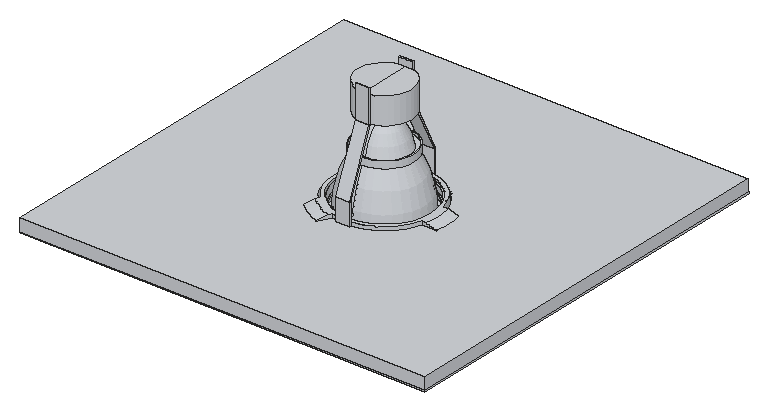
Revit family "Trimless-VPX140", category Lighting Fixtures, Revit 2014
Parameters (values of type "Trimless X140")
  Wattage Comments = "15.2"
  Wattage = 23 W
  built-in parameter 1150110 = 1 (stored number, unit not read)
  Type Comments = "Recessed"
  Type = "Trimless X140"
  built-in parameter 1114217 = 1 (stored number, unit not read)
  Tilt Angle = 90.00°
  built-in parameter 1150109 = 1 (stored number, unit not read)
  built-in parameter 1150134 = (empty or 0)
  built-in parameter 1150113 = 1 (stored number, unit not read)
  Photometric Web File = "S-LL-E.ies"
  O/A Diameter (mm) = "140"
  Model = "Trimless X140"
  Manufacturer = "Designed Architectural Lighting"
  Luminous flux of luminaire (lm) = "2000"
  Lumens = 2001 lm
  built-in parameter 1150115 = 1 (stored number, unit not read)
  built-in parameter 1150105 = 159.23 (stored number, unit not read)
  built-in parameter 1150137 = (empty or 0)
  built-in parameter 1150139 = (empty or 0)
  built-in parameter 1150112 = 1 (stored number, unit not read)
  built-in parameter 1150114 = 1 (stored number, unit not read)
  Lamp = "LED"
  built-in parameter 1150132 = (empty or 0)
  built-in parameter 1150102 = (empty or 0)
  built-in parameter 1150138 = (empty or 0)
  built-in parameter 1150107 = 3000 (stored number, unit not read)
  built-in parameter 1150106 = 1.5923 (stored number, unit not read)
  Height (mm) = "188"
  built-in parameter 1150104 = 8.0826 (stored number, unit not read)
  Dimming Lamp Color Temperature Shift = <None>
  Description = "Recessed low brightness LED trimless downlighter"
  Cut Out (mm) = "156"
  Colour temperature (K) = "2700/3000/3500/4000"
  Color Filter = 16777215
  CRI = "80"
  built-in parameter 1114218 = 1 (stored number, unit not read)
  built-in parameter 1150133 = 10 (stored number, unit not read)
  Apparent Load = 15.2 VA
  Aperture (mm) = "120"
Reference planes
  plane 1 "Light Source Axis (F/B)": y = 0
  plane 2: z = 0
  plane 3 "Light Source Axis (L/R)": x = 0
  plane 4 "Light Source Elevation": z = 0
Forms (mm)
  Revolve 1, solid
    sketch origin (0, 0, 0) x (0, 1, 0) y (0, 0, 1)
      loop
        line (39.783, 178.233) -> (0, 178.233) -> (0, 138.408) -> (39.783, 138.408) -> (39.783, 178.233)
      axis (0, 178.233) -> (0, 138.408)
    angle from 0 to 360
  Revolve 2, solid
    sketch origin (0, 0, 0) x (0, 1, 0) y (0, 0, 1)
      loop
        line (18.277, 138.408) -> (0, 138.408) -> (0, 131.98) -> (18.277, 131.98) -> (18.277, 138.408)
      axis (0, 138.408) -> (0, 131.98)
    angle from 0 to 360
  Revolve 3, solid
    sketch origin (0, 0, 0) x (0, 1, 0) y (0, 0, 1)
      loop
        line (42.531, 88.568) -> (36.002, 88.568)
        arc (36.002, 88.568) -> (20.84, 73.027) -> (0, 66.936) r 42.76
        line (0, 66.936) -> (0, 63.685)
        arc (0, 63.685) -> (21.649, 69.411) -> (37.433, 85.297) r 42.745
        line (37.433, 85.297) -> (42.531, 85.297) -> (42.531, 88.568)
      axis (0, 88.568) -> (0, 63.685)
    angle from 0 to 360
  Revolve 4, solid
    sketch origin (0, 0, 0) x (0, 1, 0) y (0, 0, 1)
      loop
        line (70.312, 0.19) -> (71.332, 0.19) -> (71.925, 3.553) -> (77.253, 3.553) -> (77.253, 5.49) -> (72.266, 5.49) -> (72.266, 9.075) -> (73.511, 9.075) -> (73.511, 11.119) -> (72.266, 11.119) -> (72.266, 22.339) -> (68.164, 22.339) -> (68.164, 12.339) -> (66.696, 12.339) -> (66.696, 10.071) -> (68.583, 10.071) -> (68.583, 1.419) -> (70.312, 1.419) -> (70.312, 0.19)
      axis (0, 22.339) -> (0, 0.19)
    angle from 0 to 360
  Revolve 5, solid
    sketch origin (0, 0, 0) x (0, 1, 0) y (0, 0, 1)
      loop
        line (-76.956, 12.401) -> (-70.218, 12.401) -> (-69.781, 24.908) -> (-81.267, 24.908) -> (-115.03, 13.938)
        arc (-115.03, 13.938) -> (-116.117, 13.488) -> (-116.567, 12.401) r 1.537
        line (-116.567, 12.401) -> (-116.567, 9.477) -> (-88.321, 9.477)
        arc (-88.321, 9.477) -> (-86.253, 10.333) -> (-85.397, 12.401) r 2.924
        line (-85.397, 12.401) -> (-85.397, 17.401) -> (-79.548, 17.401) -> (-79.548, 12.401) -> (-76.956, 12.401)
      axis (0, 24.908) -> (0, 9.477)
    angle from 0 to 360
  Extrusion 6, void
    sketch origin (0, 0, 0) x (1, 0, 0) y (0, 1, 0)
      loop
        line (-40.663, 109.245) -> (-22.116, 79.563) -> (-18.123, 73.172)
        arc (-18.123, 73.172) -> (38.001, 64.715) -> (72.495, 19.642) r 75.75
        line (72.495, 19.642) -> (81.018, 19.642) -> (114.9, 19.642)
        arc (114.9, 19.642) -> (58.18, 101.01) -> (-40.663, 109.245) r 116.567
    from 5.49 to 50
  Extrusion 7, void
    sketch origin (0, -1.25, 0) x (1, 0, 0) y (0, 1, 0)
      loop
        arc (-39.771, -109.573) -> (58.072, -101.072) -> (114.692, -20.824) r 116.567
        line (114.692, -20.824) -> (72.421, -20.824)
        arc (72.421, -20.824) -> (37.321, -65.022) -> (-18.573, -72.857) r 76.048
        line (-18.573, -72.857) -> (-39.771, -109.573)
    from 9.075 to 50
  Extrusion 8, void
    sketch origin (0, 0, 0) x (1, 0, 0) y (0, 1, 0)
      loop
        arc (-75.732, 89.645) -> (-118.859, -0.829) -> (-75.732, -91.303) r 116.463
        line (-75.732, -91.303) -> (-53.608, -51.391)
        arc (-53.608, -51.391) -> (-75.16, 0.717) -> (-53.608, 52.825) r 73.771
        line (-53.608, 52.825) -> (-75.732, 89.645)
    from 5.49 to 50
  Extrusion 9, solid
    sketch origin (1.875, -0.625, 0) x (1, 0, 0) y (0, 1, 0)
      loop
        line (-12.075, -39.191) -> (-12.075, -40.839) -> (8.246, -40.839) -> (8.246, -39.191) -> (-12.075, -39.191)
    from 138.408 to 187.904
  Extrusion 10, solid
    sketch origin (2.075, 79.953, 0) x (1, 0, 0) y (0, 1, 0)
      loop
        line (-12.075, -39.191) -> (-12.075, -40.839) -> (8.246, -40.839) -> (8.246, -39.191) -> (-12.075, -39.191)
    from 138.408 to 187.904
  Extrusion 11, solid
    sketch origin (2.075, -37.397, 0) x (1, 0, 0) y (0, 1, 0)
      loop
        line (-12.075, -39.191) -> (-12.075, -40.839) -> (8.246, -40.839) -> (8.246, -39.191) -> (-12.075, -39.191)
    from 12.401 to 52.089
  Extrusion 12, solid
    sketch origin (2.075, -38.068, 42.337) x (1, 0, 0) y (0, 0.921773, -0.38773)
      loop
        line (-12.075, -39.191) -> (-12.075, -40.839) -> (8.246, -40.839) -> (8.246, -39.191) -> (-12.075, -39.191)
    from -6.533 to 88.325
  Extrusion 13, solid
    sketch origin (2.075, 113.989, 77.13) x (1, 0, 0) y (0, 0.897391, 0.441236)
      loop
        line (-12.075, -39.191) -> (-12.075, -40.839) -> (8.246, -40.839) -> (8.246, -39.191) -> (-12.075, -39.191)
    from -5.17 to 88.325
  Extrusion 14, solid
    sketch origin (2.075, 120.28, 0) x (1, 0, 0) y (0, 1, 0)
      loop
        line (-12.075, -39.191) -> (-12.075, -40.839) -> (8.246, -40.839) -> (8.246, -39.191) -> (-12.075, -39.191)
    from 12.401 to 55.429
  Revolve 15, solid
    sketch origin (0.007, 0.002, 0.002) x (0, 1, 0) y (0, 0, 1)
      loop
        line (21.579, 131.98) -> (11.007, 131.98)
        arc (11.007, 131.98) -> (25.082, 111.644) -> (33.979, 88.568) r 104.426
        line (33.979, 88.568) -> (42.531, 88.568) -> (42.531, 90.291) -> (35.554, 90.291)
        arc (35.554, 90.291) -> (27.735, 111.123) -> (15.412, 129.649) r 97.84
        line (15.412, 129.649) -> (21.579, 129.649) -> (21.579, 131.98)
      axis (0, 131.98) -> (0, 88.568)
    angle from 0 to 360
  Revolve 16, solid
    sketch origin (-0.002, -0.001, 0) x (0, 1, 0) y (0, 0, 1)
      loop
        line (60.259, 0) -> (70.259, 0) -> (70.259, 1.419) -> (62.196, 1.419)
        arc (62.196, 1.419) -> (56.661, 43.935) -> (40.197, 83.523) r 162.465
        line (40.197, 83.523) -> (43.429, 83.523) -> (43.429, 93.523) -> (42.48, 93.523) -> (42.48, 85.294) -> (37.48, 85.294) -> (37.48, 83.523)
        arc (37.48, 83.523) -> (54.663, 43.342) -> (60.259, 0) r 159.009
      axis (0, 93.523) -> (0, 0)
    angle from 0 to 360
  Extrusion 17, solid
    sketch origin (-38.915, -67.459, 2.238) x (1, 0, 0) y (0, 1, 0)
      loop
        line (-261.085, 366.181) -> (-261.085, -233.819) -> (338.915, -233.819) -> (338.915, 366.181) -> (-261.085, 366.181)
      loop
        circle (38.915, 67.516) r 78
    from 0 to 18
  Extrusion 18, solid
    sketch origin (-38.917, -66.182, 2.109) x (1, 0, 0) y (0, 1, 0)
      loop
        line (-261.085, 366.181) -> (-261.085, -233.819) -> (338.915, -233.819) -> (338.915, 366.181) -> (-261.085, 366.181)
    from -2.109 to 0
Cuts and joins
  Extrusion 6, Extrusion 7, Extrusion 8 cuts Revolve 5
  Extrusion 7, Extrusion 8 cuts Revolve 4
Dimensions and locks
  aligned and locked: plane 3 "Light Source Axis (L/R)" to imposter light
  aligned and locked: plane 1 "Light Source Axis (F/B)" to imposter light
  aligned and locked: plane 4 "Light Source Elevation" to imposter light
  aligned and locked: level to plane 2
